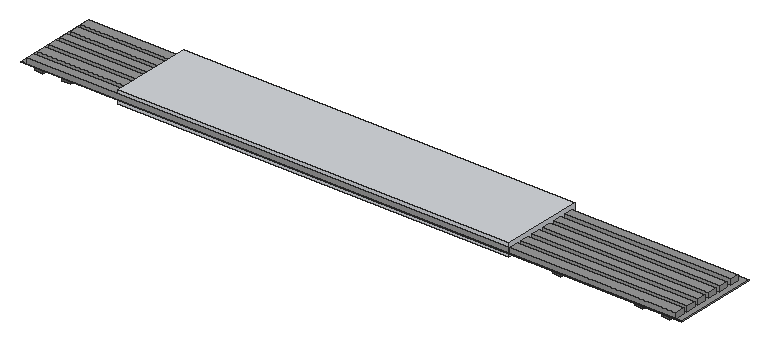
Revit family "2112-6, Veneer", category Generic Models, host Face, Revit 2020
Family settings
  Host = Face
  Can host rebar = No
  Round Connector Dimension = Use Diameter
  Part Type = Normal
  Cut with Voids When Loaded = No
  Shared = No
  Room Calculation Point = No
Parameters
  min_value [instance] = 1' - 11 1/4"  # constant formula
  max_value [instance] = 9' - 11 1/4"  # constant formula
  actual_value [instance] = if(NET LENGTH < min_value, min_value, if(NET LENGTH > max_value, max_value, NET LENGTH))  # 7' - 11 1/4"
  SCRIM MATERIAL [instance] = SCRIM
  SCRIM [instance] = yes
  NET LENGTH [instance] = 7' - 11 1/4"
  Default Elevation = 4' - 0"
  BACKER MATERIAL [instance] = BLACK-BACKERS
  .. MEMBER WIDTH [instance] = 0' - 1 3/8"  # constant formula
  .. MEMBER MATERIAL [instance] = Veneer Cherry
  .. MEMBER LENGTH [instance] = actual_value  # 7' - 11 1/4"
  .. MEMBER DEPTH [instance] = 0' - 0 3/4"  # constant formula
  .. MEMBER COUNT [instance] = 6  # constant formula
  IMPORTANT NOTE!!!                                                                             *Backer layout is for visualization purposes only, final layout to be determined by 9Wood. [instance] = ""
Reference planes (in)
  plane 1 "Center (Front/Back)": y = 0
  plane 2: z = 1.82209
  plane 3 "Center (Left/Right)": x = 0
Forms (in)
  Extrusion 1, solid
    sketch origin (132, -33.80483, 0) x (1, 0, 0) y (0, 1, 0)
      loop
        line (-118.625, 33.80483) -> (-61.26146, 33.80483) -> (-61.26146, 45.86733) -> (-118.625, 45.86733) -> (-118.625, 33.80483)
    from 1.82209 to 0
Dimensions and locks (in)
  aligned and locked: Extrusion 1 to plane 2
  aligned and locked: plane 3 "Center (Left/Right)" to nested 1
Nested families (in)
  nested 1: "1100 SERIES CONFIG" at (0, 2, 0), .. MEMBER DEPTH <- ".. MEMBER DEPTH", .. MEMBER LENGTH <- ".. MEMBER LENGTH", .. MEMBER WIDTH <- ".. MEMBER WIDTH", .. MEMBER MATERIAL <- ".. MEMBER MATERIAL", BACKING M MATERIAL <- "BACKER MATERIAL", SCRIM  MATERIAL <- "SCRIM MATERIAL", .. MEMBER COUNT <- ".. MEMBER COUNT", SCRIM <- "SCRIM", type "1100 SERIES CONFIG"
    with X 7' - 8", SCRIM OVERHANG 2 0' - 0 3/32", SCRIM OVERHANG 0' - 0 7/8", SCRIM LENGTH 8' - 1", SCRIM  MATERIAL SCRIM, SCRIM yes, NOMINAL LENGTH 7, N 8, Inset 6' - 0 3/8", INSET 0' - 1", INDEX 0' - 5 5/8", HALF MEMBER WIDTH 0' - 0 11/16", HALF LENGTH 3' - 11 5/8", END BACKER yes, BACKING M WIDTH 0' - 1 1/4", BACKING M OC SPACING 1' - 0", BACKING M MATERIAL BLACK-BACKERS, BACKING M LENGTH 0' - 11 7/8", BACKING M DEPTH 0' - 0 1/2", BACKING M COUNT 8, 3/16" INSET 0' - 0 3/16", .. MEMBER WIDTH 0' - 1 3/8", .. MEMBER OC SPACING 0' - 2", .. MEMBER MATERIAL Veneer Cherry, .. MEMBER LENGTH 7' - 11 1/4", .. MEMBER DEPTH 0' - 0 3/4", .. MEMBER COUNT 6
Definition of nested family "1100 SERIES CONFIG"
  Parameters (values of type "1100 SERIES CONFIG")
    X [instance] = .. MEMBER LENGTH - 0' 3 1/4"  # 5' - 5"
    SCRIM OVERHANG 2 [instance] = 0' - 0 3/32"  # constant formula
    SCRIM OVERHANG [instance] = 0' - 0 7/8"  # constant formula
    SCRIM LENGTH [instance] = .. MEMBER LENGTH + (SCRIM OVERHANG * 2)  # 5' - 10"
    SCRIM  MATERIAL [instance] = none
    SCRIM [instance] = yes
    NOMINAL LENGTH [instance] = 7
    N [instance] = if((X - (rounddown(X / 1' 0") * 1' 0")) > 1' 0", rounddown(X / 1' 0") + 2, rounddown(X / 1' 0") + 1)  # 6
    Inset [instance] = 6' - 0 3/8"  # constant formula
    INSET [instance] = 0' - 1"  # constant formula
    END BACKER [instance] = INDEX > 0' 3 5/8"  # yes
    INDEX [instance] = (.. MEMBER LENGTH - ((N - 1) * 1' 0")) / 2  # 0' - 4 1/8"
    HALF MEMBER WIDTH [instance] = .. MEMBER WIDTH / 2  # 0' - 0 5/16"
    HALF LENGTH [instance] = .. MEMBER LENGTH / 2  # 2' - 10 1/8"
    Default Elevation = 0' - 0"
    BACKING M WIDTH [instance] = 0' - 1 1/4"
    BACKING M SPACING = 3' - 3"
    BACKING M MATERIAL [instance] = none
    BACKING M LENGTH [instance] = 0' - 11 7/8"
    BACKING M DEPTH [instance] = 0' - 0 1/2"
    BACKING M COUNT [instance] = N  # 6
    BACKING M OC SPACING [instance] = 1' - 0"  # constant formula
    3/16" INSET [instance] = 0' - 0 3/16"  # constant formula
    .. MEMBER WIDTH [instance] = 0' - 0 5/8"
    .. MEMBER OC SPACING [instance] = 1' 0" / .. MEMBER COUNT  # 0' - 4"
    .. MEMBER MATERIAL [instance] = none
    .. MEMBER LENGTH [instance] = 5' - 8 1/4"
    .. MEMBER DEPTH [instance] = 0' - 1 3/8"
    .. MEMBER COUNT [instance] = 3
  Reference planes (in)
    plane 1 "Center (Front/Back)": y = -2
    plane 2: z = 0
    plane 3 "Center (Left/Right)": x = 0
    plane 4: x = 1
    plane 5: x = 4.125
    plane 6: x = 34.125
    plane 7: x = 68.25
    plane 8: x = 67.25
    plane 9: x = 16.125
    plane 10: y = -1.8125
    plane 11: y = -1.6875
    plane 12: y = 2.3125
    plane 13: x = 69.125
    plane 14: x = -0.875
    plane 15: z = 0.5
    plane 16: z = 0.5625
    plane 17: y = 10.0625
    plane 18: y = 10.15625
    plane 19: y = -2.09375
  Dimensions and locks (in)
    "INSET": plane 3 "Center (Left/Right)" to plane 4
    "INDEX": plane 3 "Center (Left/Right)" to plane 5
    "HALF LENGTH": plane 3 "Center (Left/Right)" to plane 6
    ".. MEMBER LENGTH": plane 3 "Center (Left/Right)" to plane 7
    "INSET": plane 8 to plane 7
    equal spacing: group 2, group 3, group 6, group 7, group 8, group 9  (x3)
    "3/16" INSET": plane 1 "Center (Front/Back)" to plane 10
    ".. MEMBER OC SPACING": plane 12 to plane 11
    "SCRIM OVERHANG": plane 14 to plane 3 "Center (Left/Right)"
    "SCRIM OVERHANG": plane 7 to plane 13
    equal spacing: group 1, group 4, group 5  (x2)
    equal spacing: group 5, group 4, group 1
    "HALF MEMBER WIDTH": plane 1 "Center (Front/Back)" to plane 11
    "BACKING M OC SPACING": plane 5 to plane 9
    "SCRIM OVERHANG 2": plane 18 to plane 17
    "SCRIM OVERHANG 2": plane 19 to plane 1 "Center (Front/Back)"
    aligned and locked: level to plane 2
    aligned and locked: plane 6 to nested 1
    aligned and locked: nested 2 to plane 4
    aligned and locked: plane 5 to nested 3
    aligned and locked: plane 1 "Center (Front/Back)" to nested 1
    aligned and locked: nested 2 to plane 10
    aligned and locked: nested 3 to plane 10
    aligned and locked: nested 5 to plane 10
    aligned and locked: nested 4 to plane 10
    aligned and locked: nested 6 to plane 14
    aligned and locked: plane 12 to nested 7
    aligned and locked: nested 7 to plane 3 "Center (Left/Right)"
    aligned and locked: plane 9 to nested 5
    aligned and locked: plane 8 to nested 4
    aligned and locked: plane 15 to nested 2
    aligned and locked: nested 6 to plane 15
    aligned and locked: nested 1 to plane 16
    aligned and locked: nested 7 to plane 16
    aligned and locked: nested 6 to plane 19
  Nested families (in)
    nested 1: "INSTANCE - Parametric Cube" at (34.125, -1.6875, 1.9375), Length <- ".. MEMBER WIDTH", Height <- ".. MEMBER DEPTH", Width <- ".. MEMBER LENGTH", Material <- ".. MEMBER MATERIAL", type "INSTANCE - Parametric Cube"
      with Width 5' - 8 1/4", Material none, Length 0' - 0 5/8", Height 0' - 1 3/8"
    nested 2: "2ND INSTANCE - Parametric Cube" at (1.625, 4.125, 0), Height <- "BACKING M DEPTH", Length <- "BACKING M LENGTH", Width <- "BACKING M WIDTH", Material <- "BACKING M MATERIAL", visible <- "END BACKER", type "2ND INSTANCE - Parametric Cube"
      with Width 0' - 1 1/4", Material none, Length 0' - 11 7/8", Height 0' - 0 1/2"
    nested 3: "2ND INSTANCE - Parametric Cube" at (4.125, 4.125, 0), Length <- "BACKING M LENGTH", Height <- "BACKING M DEPTH", Width <- "BACKING M WIDTH", Material <- "BACKING M MATERIAL", type "2ND INSTANCE - Parametric Cube"
      with Width 0' - 1 1/4", Material none, Length 0' - 11 7/8", Height 0' - 0 1/2"
    nested 4: "2ND INSTANCE - Parametric Cube" at (66.625, 4.125, 0), Width <- "BACKING M WIDTH", Length <- "BACKING M LENGTH", Height <- "BACKING M DEPTH", Material <- "BACKING M MATERIAL", visible <- "END BACKER", type "2ND INSTANCE - Parametric Cube"
      with Width 0' - 1 1/4", Material none, Length 0' - 11 7/8", Height 0' - 0 1/2"
    nested 5: "2ND INSTANCE - Parametric Cube" at (16.125, 4.125, 0), Length <- "BACKING M LENGTH", Height <- "BACKING M DEPTH", Width <- "BACKING M WIDTH", Material <- "BACKING M MATERIAL", type "2ND INSTANCE - Parametric Cube"
      with Width 0' - 1 1/4", Material none, Length 0' - 11 7/8", Height 0' - 0 1/2"
    nested 6: "3RD INSTANCE - Parametric Cube" at (34.125, 4.0445, 0.5), Width <- "SCRIM LENGTH", Material <- "SCRIM  MATERIAL", visible <- "SCRIM", type "3RD INSTANCE - Parametric Cube"
      with Width 5' - 10", Material none, Length 1' - 0.27649", Height 0' - 0 1/16"
    nested 7: "INSTANCE - Parametric Cube" at (34.125, 2.3125, 1.9375), Length <- ".. MEMBER WIDTH", Height <- ".. MEMBER DEPTH", Width <- ".. MEMBER LENGTH", Material <- ".. MEMBER MATERIAL", type "INSTANCE - Parametric Cube"
      with Width 5' - 8 1/4", Material none, Length 0' - 0 5/8", Height 0' - 1 3/8"
    nested 8: "INSTANCE - Parametric Cube" at (34.125, 6.3125, 1.9375), Length <- ".. MEMBER WIDTH", Height <- ".. MEMBER DEPTH", Width <- ".. MEMBER LENGTH", Material <- ".. MEMBER MATERIAL", type "INSTANCE - Parametric Cube"
      with Width 5' - 8 1/4", Material none, Length 0' - 0 5/8", Height 0' - 1 3/8"
    nested 9: "2ND INSTANCE - Parametric Cube" at (28.125, 4.125, 0), Length <- "BACKING M LENGTH", Height <- "BACKING M DEPTH", Width <- "BACKING M WIDTH", Material <- "BACKING M MATERIAL", type "2ND INSTANCE - Parametric Cube"
      with Width 0' - 1 1/4", Material none, Length 0' - 11 7/8", Height 0' - 0 1/2"
    nested 10: "2ND INSTANCE - Parametric Cube" at (40.125, 4.125, 0), Length <- "BACKING M LENGTH", Height <- "BACKING M DEPTH", Width <- "BACKING M WIDTH", Material <- "BACKING M MATERIAL", type "2ND INSTANCE - Parametric Cube"
      with Width 0' - 1 1/4", Material none, Length 0' - 11 7/8", Height 0' - 0 1/2"
    nested 11: "2ND INSTANCE - Parametric Cube" at (52.125, 4.125, 0), Length <- "BACKING M LENGTH", Height <- "BACKING M DEPTH", Width <- "BACKING M WIDTH", Material <- "BACKING M MATERIAL", type "2ND INSTANCE - Parametric Cube"
      with Width 0' - 1 1/4", Material none, Length 0' - 11 7/8", Height 0' - 0 1/2"
    nested 12: "2ND INSTANCE - Parametric Cube" at (64.125, 4.125, 0), Length <- "BACKING M LENGTH", Height <- "BACKING M DEPTH", Width <- "BACKING M WIDTH", Material <- "BACKING M MATERIAL", type "2ND INSTANCE - Parametric Cube"
      with Width 0' - 1 1/4", Material none, Length 0' - 11 7/8", Height 0' - 0 1/2"
  Definition of nested family "INSTANCE - Parametric Cube"
    Parameters (values of type "INSTANCE - Parametric Cube")
      Width [instance] = 0' - 6"
      Material [instance] = none
      Length [instance] = 1' - 0"
      Height [instance] = 1' - 6"
      Default Elevation = 0' - 0"
    Reference planes (in)
      plane 1 "Center (Front/Back)": y = 0
      plane 2: z = 0
      plane 3 "Center (Left/Right)": x = 0
      plane 4: x = -3
      plane 5: x = 3
      plane 6: y = 6
      plane 7: y = -6
      plane 8: z = -18
    Forms (in)
      Extrusion 1, solid, material <- "Material"
        sketch origin (0, 0, 0) x (1, 0, 0) y (0, 1, 0)
          loop
            line (-3, 6) -> (-3, -6) -> (3, -6) -> (3, 6) -> (-3, 6)
        from -18 to 0
    Dimensions and locks (in)
      equal spacing: plane 4, plane 3 "Center (Left/Right)", plane 5
      equal spacing: plane 6, plane 1 "Center (Front/Back)", plane 7
      "Length": plane 6 to plane 7
      "Width": plane 4 to plane 5
      "Height": plane 8 to level
      aligned and locked: plane 2 to level
      aligned and locked: Extrusion 1 sketch curve to plane 6
      aligned and locked: plane 4 to Extrusion 1 sketch curve
      aligned and locked: plane 7 to Extrusion 1 sketch curve
      aligned and locked: Extrusion 1 sketch curve to plane 5
      aligned and locked: Extrusion 1 to plane 8
  Definition of nested family "2ND INSTANCE - Parametric Cube"
    Parameters (values of type "2ND INSTANCE - Parametric Cube")
      Width [instance] = 0' - 6"
      Material [instance] = none
      Length [instance] = 1' - 0"
      Height [instance] = 1' - 6"
      Default Elevation = 0' - 0"
    Reference planes (in)
      plane 1 "Center (Front/Back)": y = 0
      plane 2: z = 0
      plane 3 "Center (Left/Right)": x = 0
      plane 4: x = -3
      plane 5: x = 3
      plane 6: y = 6
      plane 7: y = -6
      plane 8: z = 18
    Forms (in)
      Extrusion 1, solid, material <- "Material"
        sketch origin (0, 0, 0) x (1, 0, 0) y (0, 1, 0)
          loop
            line (-3, 6) -> (-3, -6) -> (3, -6) -> (3, 6) -> (-3, 6)
        from 0 to 18
    Dimensions and locks (in)
      equal spacing: plane 4, plane 3 "Center (Left/Right)", plane 5
      equal spacing: plane 6, plane 1 "Center (Front/Back)", plane 7
      "Length": plane 6 to plane 7
      "Width": plane 4 to plane 5
      "Height": level to plane 8
      aligned and locked: plane 2 to level
      aligned and locked: Extrusion 1 sketch curve to plane 6
      aligned and locked: plane 4 to Extrusion 1 sketch curve
      aligned and locked: plane 7 to Extrusion 1 sketch curve
      aligned and locked: Extrusion 1 sketch curve to plane 5
      aligned and locked: plane 8 to Extrusion 1
      aligned and locked: Extrusion 1 to level
  Definition of nested family "3RD INSTANCE - Parametric Cube"
    Parameters (values of type "3RD INSTANCE - Parametric Cube")
      Width [instance] = 0' - 6"
      Material [instance] = none
      Length [instance] = 1' - 0"
      Height [instance] = 1' - 6"
      Default Elevation = 0' - 0"
    Reference planes (in)
      plane 1 "Center (Front/Back)": y = 0
      plane 2: z = 0
      plane 3 "Center (Left/Right)": x = 0
      plane 4: x = -3
      plane 5: x = 3
      plane 6: y = 6
      plane 7: y = -6
      plane 8: z = 18
    Forms (in)
      Extrusion 1, solid, material <- "Material"
        sketch origin (0, 0, 0) x (1, 0, 0) y (0, 1, 0)
          loop
            line (-3, 6) -> (-3, -6) -> (3, -6) -> (3, 6) -> (-3, 6)
        from 0 to 18
    Dimensions and locks (in)
      equal spacing: plane 4, plane 3 "Center (Left/Right)", plane 5
      equal spacing: plane 6, plane 1 "Center (Front/Back)", plane 7
      "Length": plane 6 to plane 7
      "Width": plane 4 to plane 5
      "Height": level to plane 8
      aligned and locked: plane 2 to level
      aligned and locked: Extrusion 1 sketch curve to plane 6
      aligned and locked: plane 4 to Extrusion 1 sketch curve
      aligned and locked: plane 7 to Extrusion 1 sketch curve
      aligned and locked: Extrusion 1 sketch curve to plane 5
      aligned and locked: plane 8 to Extrusion 1
      aligned and locked: Extrusion 1 to level
